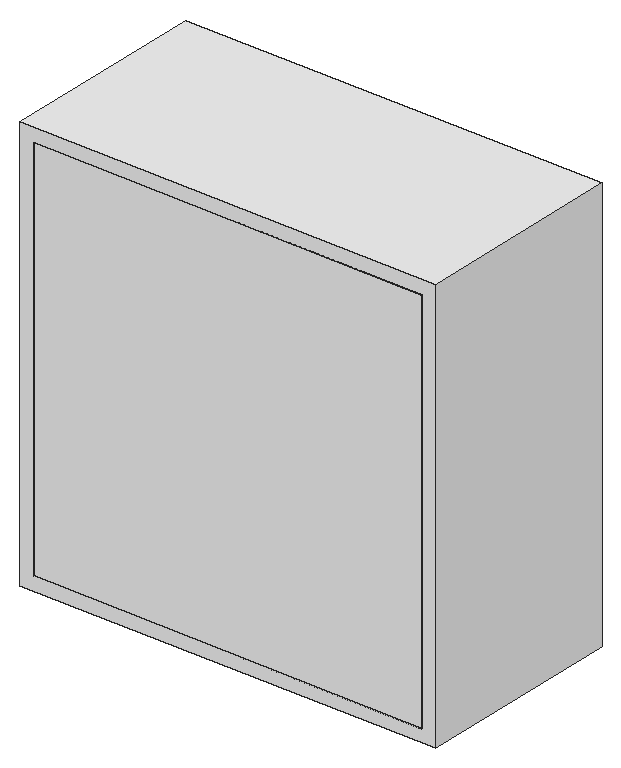
Revit family
Parameters (values of type "600mm")
  Cabinet Material = none
  Depth = 300 mm
  Door/Drawer Material = none
  Handle Material = Cabinets - Handles
  Height = 600 mm
  Top Of Cabinet = 2000 mm
  Width = 600 mm
Types (3, lengths in mm): name | Width
  (no name) | 600
  600mm | 600
  1000mm | 1000
Reference planes
  plane 1: y = 0
  plane 2 "Center": x = 29.771
  plane 3 "Right": x = 329.771
  plane 4 "Left": x = -270.229
  plane 5: z = 1400
  plane 6: z = 2000
  plane 7 "Front": y = 376.2
  plane 8: y = 76.2
  plane 9: z = 1700
Forms (mm)
  Extrusion 1, solid, material <- "Cabinet Material"
    sketch origin (0, 76.2, 0) x (1, 0, 0) y (0, 0, 1)
      loop
        line (329.771, 2000) -> (-270.229, 2000) -> (-270.229, 1400) -> (329.771, 1400) -> (329.771, 2000)
      loop
        line (310.721, 1980.95) -> (-251.179, 1980.95) -> (-251.179, 1419.05) -> (310.721, 1419.05) -> (310.721, 1980.95)
    from 0 to -300
  Extrusion 2, solid, material <- "Cabinet Material"
    sketch origin (0, 76.2, 0) x (1, 0, 0) y (0, 0, 1)
      loop
        line (310.721, 1980.95) -> (-251.179, 1980.95) -> (-251.179, 1419.05) -> (310.721, 1419.05) -> (310.721, 1980.95)
    from 0 to -19.05
  Extrusion 3, solid, material <- "Door/Drawer Material"
    sketch origin (0, 376.2, 0) x (0, 0, 1) y (1, 0, 0)
      loop
        line (1980.95, 310.721) -> (1419.05, 310.721) -> (1419.05, 32.946) -> (1980.95, 32.946) -> (1980.95, 310.721)
      loop
        line (1980.95, -251.179) -> (1980.95, 26.596) -> (1419.05, 26.596) -> (1419.05, -251.179) -> (1980.95, -251.179)
    from 12.7 to -19.05
  Sweep 4, solid, material "Cabinets - Handles" <- "Handle Material"
    path origin (4.371, 0, 0) x (0, 1, 0) y (0, 0, 1)
      loop
        line (388.9, 1552.4) -> (401.6, 1552.4)
        arc (401.6, 1552.4) -> (410.58, 1548.68) -> (414.3, 1539.7) r 12.7
        line (414.3, 1539.7) -> (414.3, 1463.5)
        arc (414.3, 1463.5) -> (410.58, 1454.52) -> (401.6, 1450.8) r 12.7
        line (401.6, 1450.8) -> (388.9, 1450.8)
    profile origin (4.371, 395.25, 0) x (0, 0, 1) y (1, 0, 0)
      loop
        circle (1552.4, 0) r 6.35
  Sweep 5, solid, material "Cabinets - Handles" <- "Handle Material"
    path origin (55.171, 0, 0) x (0, 1, 0) y (0, 0, -1)
      loop
        line (388.9, -1552.4) -> (401.6, -1552.4)
        arc (401.6, -1552.4) -> (410.58, -1548.68) -> (414.3, -1539.7) r 12.7
        line (414.3, -1539.7) -> (414.3, -1463.5)
        arc (414.3, -1463.5) -> (410.58, -1454.52) -> (401.6, -1450.8) r 12.7
        line (401.6, -1450.8) -> (388.9, -1450.8)
    profile origin (55.171, 395.25, 0) x (0, 0, -1) y (-1, 0, 0)
      loop
        circle (-1552.4, 0) r 6.35
Lines and regions (mm)
  model lines
    curve 1: line (29.771, 376.2, 1980.95) -> (29.771, 376.2, 1419.05)
  symbolic lines, style "Plan Rep - Above"
    curve 2: line (-270.229, 376.2, 0) -> (329.771, 376.2, 0)
    curve 3: line (-270.229, 76.2, 0) -> (-270.229, 376.2, 0)
    curve 4: line (329.771, 76.2, 0) -> (-270.229, 76.2, 0)
    curve 5: line (329.771, 376.2, 0) -> (329.771, 76.2, 0)
  symbolic lines, style "Elevation Swing"
    curve 6: line (32.946, 0, 1980.95) -> (310.721, 0, 1700)
    curve 7: line (310.721, 0, 1700) -> (32.946, 0, 1419.05)
    curve 8: line (26.596, 0, 1419.05) -> (-251.179, 0, 1700)
    curve 9: line (-251.179, 0, 1700) -> (26.596, 0, 1980.95)
Text (mm)
  text "Placement Side" at (0, 1019.848, 3124.603), in view "Right"
  text "Placement Side" at (-1198.245, 1500.971, 0), in view "Floor Line"
  text "Placement Side" at (0, 1020.14, 3065.962), in view "Left"
Dimensions and locks
  equal spacing: plane 4 "Left", plane 2 "Center", plane 3 "Right"
  "Width": plane 4 "Left" to plane 3 "Right"
  "Height": plane 5 to plane 6
  "Depth": plane 8 to plane 7 "Front"
  equal spacing: plane 5, plane 9, plane 6
  "Top Of Cabinet": level to plane 6
  aligned and locked: plane 8 to host wall
  aligned and locked: plane 7 "Front" to Extrusion 1
  aligned and locked: Extrusion 2 sketch curve to Extrusion 1  (x4)
  aligned and locked: curve 1 to Extrusion 3  (x2)
Automatic sketch dimensions
  Extrusion 1 sketch curve to plane 4 "Left" = 0 mm
  Extrusion 1 sketch curve to plane 3 "Right" = 0 mm
  Extrusion 1 sketch curve to plane 5 = 0 mm
  Extrusion 1 sketch curve to plane 6 = 0 mm
  plane 4 "Left" to Extrusion 1 sketch curve = 19.05 mm
  Extrusion 1 sketch curve to plane 3 "Right" = 19.05 mm
  Extrusion 1 sketch curve to plane 5 = 19.05 mm
  plane 6 to Extrusion 1 sketch curve = 19.05 mm
  Sweep 4 sketch curve to profile plane = 0 mm
  profile plane to Sweep 4 sketch curve = 6.35 mm
  Sweep 5 sketch curve to profile plane = 0 mm
  profile plane to Sweep 5 sketch curve = 6.35 mm
  curve 4 to host wall = 0 mm
  curve 4 to plane 4 "Left" = 0 mm
  curve 4 to plane 3 "Right" = 0 mm
  curve 3 to plane 7 "Front" = 0 mm
  plane 7 "Front" to Sweep 4 sketch curve = 12.7 mm  (x2)
  Sweep 4 sketch curve to Sweep 4 sketch curve = 12.7 mm  (x3)
  Sweep 4 sketch curve to plane 5 = 50.8 mm
  Sweep 4 sketch curve to Sweep 4 sketch curve = 76.2 mm
  plane 7 "Front" to Sweep 5 sketch curve = 12.7 mm  (x2)
  Sweep 5 sketch curve to Sweep 5 sketch curve = 12.7 mm  (x3)
  Sweep 5 sketch curve to plane 5 = 152.4 mm
  Sweep 5 sketch curve to plane 5 = 63.5 mm
  plane 2 "Center" to Extrusion 3 sketch curve = 3.175 mm
  Extrusion 3 sketch curve to plane 5 = 19.05 mm
  Extrusion 3 sketch curve to Extrusion 3 sketch curve = 0 mm
  Extrusion 3 sketch curve to plane 2 "Center" = 3.175 mm
  plane 6 to Extrusion 3 sketch curve = 19.05 mm  (x2)
  plane 4 "Left" to Extrusion 3 sketch curve = 19.05 mm
  Extrusion 3 sketch curve to plane 3 "Right" = 19.05 mm
  curve 6 to plane 9 = 0 mm
  curve 8 to plane 9 = 0 mm
  curve 1 to plane 2 "Center" = 0 mm
  plane 2 "Center" to curve 6 = 3.175 mm
  curve 6 to curve 1 = 0 mm
  curve 9 to plane 2 "Center" = 3.175 mm
  curve 9 to curve 1 = 0 mm
  curve 8 to plane 2 "Center" = 3.175 mm
  curve 8 to curve 1 = 0 mm
  plane 2 "Center" to curve 7 = 3.175 mm
  curve 7 to curve 1 = 0 mm
  plane 4 "Left" to curve 8 = 19.05 mm
  curve 6 to plane 3 "Right" = 19.05 mm
